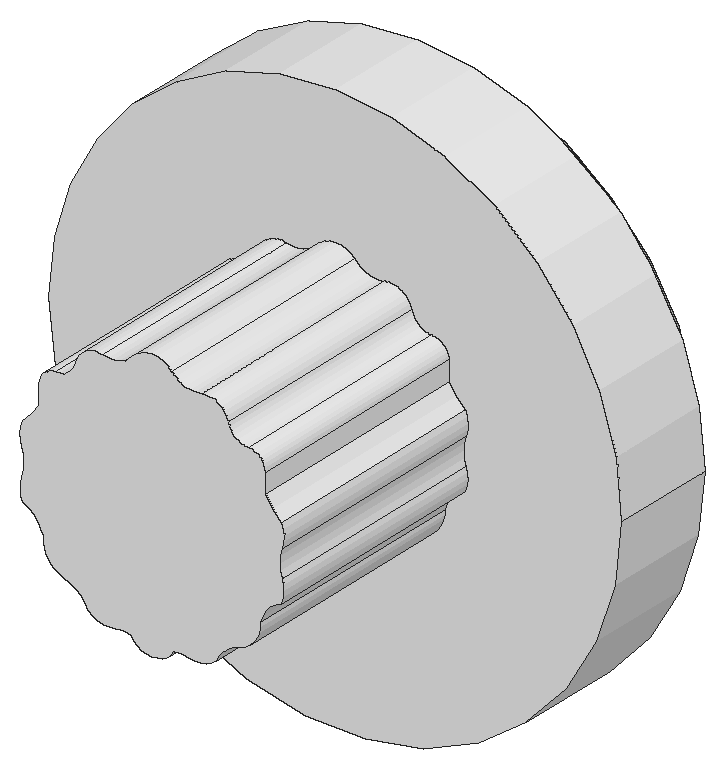
Revit family "Wavy Handle Type 3", category Generic Models, host Wall, Revit 2021
Family settings
  Host = Wall
  Can host rebar = No
  Round Connector Dimension = Use Diameter
  Part Type = Normal
  Always vertical = Yes
  Cut with Voids When Loaded = No
  Shared = No
  Room Calculation Point = No
Parameters (values of type "Chiffon")
  Materials = Chiffon Glaze
  Default Elevation = 0 mm
Types (4, lengths in mm): name | Materials
  Chiffon | Chiffon Glaze
  Khaki | Khaki Glaze
  Orange | Orange Glaze
  Metallic Gold | Metallic Gold Glaze
Reference planes
  plane 1 "Wall": y = 57.859
  plane 2 "Center (Left/Right)": x = 125
  plane 3 "Back": y = 75
  plane 4: x = 150
  plane 5: x = 100
  plane 6: x = 113.5
  plane 7: x = 136.5
  plane 8: y = 87.859
Forms (mm)
  Extrusion 1, solid, material "Chiffon Glaze" <- "Materials"
    sketch origin (0, 37.859, 380.998) x (1, 0, 0) y (0, 0, 1)
      loop
        arc (126.68, 1120.945) -> (125, 1121.693) -> (123.32, 1120.945) r 2.26
        arc (123.32, 1120.945) -> (122.12, 1120.181) -> (120.699, 1120.144) r 2.661
        arc (120.699, 1120.144) -> (119.24, 1119.927) -> (118.363, 1118.742) r 1.927
        arc (118.363, 1118.742) -> (117.715, 1117.746) -> (116.592, 1117.359) r 1.825
        arc (116.592, 1117.359) -> (115.555, 1116.93) -> (115.125, 1115.893) r 1.466
        arc (115.125, 1115.893) -> (115.082, 1115.058) -> (115.114, 1114.223) r 9.386
        arc (115.114, 1114.223) -> (114.469, 1113.303) -> (113.671, 1112.512) r 6.296
        arc (113.671, 1112.512) -> (113.464, 1111.48) -> (113.626, 1110.44) r 3.005
        arc (113.626, 1110.44) -> (113.821, 1109.271) -> (113.626, 1108.103) r 3.605
        arc (113.626, 1108.103) -> (113.482, 1107.126) -> (113.699, 1106.162) r 2.7
        arc (113.699, 1106.162) -> (114.825, 1105.347) -> (115.487, 1104.125) r 3.128
        arc (115.487, 1104.125) -> (115.938, 1102.506) -> (117.305, 1101.528) r 2.524
        arc (117.305, 1101.528) -> (118.535, 1100.857) -> (119.365, 1099.728) r 3.233
        arc (119.365, 1099.728) -> (120.491, 1099.119) -> (121.771, 1099.121) r 2.599
        arc (121.771, 1099.121) -> (122.436, 1099.19) -> (123.093, 1099.064) r 2.288
        arc (123.093, 1099.064) -> (125, 1098.043) -> (126.907, 1099.064) r 2.291
        arc (126.907, 1099.064) -> (127.564, 1099.19) -> (128.229, 1099.121) r 2.288
        arc (128.229, 1099.121) -> (129.509, 1099.119) -> (130.635, 1099.728) r 2.599
        arc (130.635, 1099.728) -> (131.465, 1100.857) -> (132.695, 1101.528) r 3.233
        arc (132.695, 1101.528) -> (134.062, 1102.506) -> (134.513, 1104.125) r 2.524
        arc (134.513, 1104.125) -> (135.175, 1105.347) -> (136.301, 1106.162) r 3.128
        arc (136.301, 1106.162) -> (136.518, 1107.126) -> (136.374, 1108.103) r 2.7
        arc (136.374, 1108.103) -> (136.179, 1109.271) -> (136.374, 1110.44) r 3.605
        arc (136.374, 1110.44) -> (136.536, 1111.48) -> (136.329, 1112.512) r 3.005
        arc (136.329, 1112.512) -> (135.532, 1113.301) -> (134.888, 1114.22) r 6.296
        arc (134.888, 1114.22) -> (134.92, 1115.066) -> (134.876, 1115.912) r 9.388
        arc (134.876, 1115.912) -> (134.438, 1116.934) -> (133.408, 1117.355) r 1.468
        arc (133.408, 1117.355) -> (132.284, 1117.743) -> (131.636, 1118.741) r 1.827
        arc (131.636, 1118.741) -> (130.759, 1119.925) -> (129.301, 1120.144) r 1.926
        arc (129.301, 1120.144) -> (127.879, 1120.181) -> (126.68, 1120.945) r 2.661
    from -40 to -20
  Extrusion 2, solid, material "Chiffon Glaze" <- "Materials"
    sketch origin (0, 35.859, 380.998) x (1, 0, 0) y (0, 0, 1)
      loop
        circle (125, 1108.589) r 25
    from -52 to -42
  Sweep 3, void
    path in 3D
      loop
        arc (100, 87.859, 1489.586) -> (125, 87.859, 1464.586) -> (150, 87.859, 1489.586) r 25
        arc (150, 87.859, 1489.586) -> (125, 87.859, 1514.586) -> (100, 87.859, 1489.586) r 25
    profile origin (125, 87.859, 1514.586) x (0, 0, 1) y (0, 1, 0)
      loop
        line (0, 0) -> (-1, 0) -> (0, -1) -> (0, 0)
Cuts and joins
  Sweep 3 cuts Extrusion 2
Lines and regions (mm)
  sketch lines
    curve 1: arc (150, 87.859, 1489.586) -> (125, 87.859, 1514.586) -> (100, 87.859, 1489.586) r 25
    curve 2: arc (100, 87.859, 1489.586) -> (125, 87.859, 1464.586) -> (150, 87.859, 1489.586) r 25
Text (mm)
  text "Placement Side" at (-2158.059, 2518.253, 0), in view "Ref. Level"
  text "Placement side" at (0, 1409.804, 2854.306), in view "Left"
  text "Placement side" at (0, 499.811, 2980.732), in view "Right"
Dimensions and locks
  host wall to plane 3 "Back" = 17.141 mm
  locked: plane 5 to plane 4 at 50
  equal spacing: plane 5, plane 2 "Center (Left/Right)", plane 4, locked at 25 each
  locked: plane 8 to plane 1 "Wall" at 30
  locked: Extrusion 2 to plane 1 "Wall" at 20
  aligned and locked: plane 1 "Wall" to Extrusion 1
  aligned and locked: plane 8 to Extrusion 2
  aligned and locked: Extrusion 1 to Extrusion 2
  aligned and locked: host wall to plane 1 "Wall"
Automatic sketch dimensions
  Extrusion 1 sketch curve to plane 2 "Center (Left/Right)" = 0 mm  (x2)
  Extrusion 1 sketch curve to plane 2 "Center (Left/Right)" = 0.532 mm
  Extrusion 1 sketch curve to plane 2 "Center (Left/Right)" = 2.662 mm
  Extrusion 1 sketch curve to plane 2 "Center (Left/Right)" = 3.657 mm
  Extrusion 1 sketch curve to plane 2 "Center (Left/Right)" = 3.873 mm
  Extrusion 1 sketch curve to Extrusion 1 sketch curve = 1.111 mm
  Extrusion 1 sketch curve to Extrusion 1 sketch curve = 3.121 mm  (x2)
  plane 6 to Extrusion 1 sketch curve = 3.092 mm
  plane 6 to Extrusion 1 sketch curve = 3.091 mm
  plane 6 to Extrusion 1 sketch curve = 2.969 mm
  plane 6 to Extrusion 1 sketch curve = 2.908 mm
  plane 6 to Extrusion 1 sketch curve = 2.68 mm
  Extrusion 1 sketch curve to plane 6 = 1.026 mm
  Extrusion 1 sketch curve to plane 6 = 3.285 mm
  Extrusion 1 sketch curve to plane 6 = 3.844 mm
  plane 2 "Center (Left/Right)" to Extrusion 1 sketch curve = 0.533 mm
  plane 2 "Center (Left/Right)" to Extrusion 1 sketch curve = 2.662 mm
  plane 2 "Center (Left/Right)" to Extrusion 1 sketch curve = 3.657 mm
  plane 2 "Center (Left/Right)" to Extrusion 1 sketch curve = 3.873 mm
  Extrusion 1 sketch curve to Extrusion 1 sketch curve = 1.11 mm
  plane 7 to Extrusion 1 sketch curve = 3.092 mm
  plane 7 to Extrusion 1 sketch curve = 2.969 mm
  plane 7 to Extrusion 1 sketch curve = 2.908 mm
  plane 7 to Extrusion 1 sketch curve = 2.68 mm
  Extrusion 1 sketch curve to plane 7 = 1.026 mm
  Extrusion 1 sketch curve to plane 7 = 3.285 mm
  Extrusion 1 sketch curve to plane 7 = 3.844 mm
  level to Extrusion 1 sketch curve = 1477.902 mm
  Extrusion 1 sketch curve to Extrusion 1 sketch curve = 0 mm  (x14)
  Extrusion 1 sketch curve to Extrusion 1 sketch curve = 1.519 mm  (x2)
  Extrusion 1 sketch curve to Extrusion 1 sketch curve = 3.431 mm
  Extrusion 1 sketch curve to Extrusion 1 sketch curve = 1.304 mm  (x2)
  Extrusion 1 sketch curve to Extrusion 1 sketch curve = 4.861 mm  (x2)
  Extrusion 1 sketch curve to Extrusion 1 sketch curve = 2.315 mm  (x2)
  Extrusion 1 sketch curve to Extrusion 1 sketch curve = 3.274 mm  (x2)
  Extrusion 1 sketch curve to Extrusion 1 sketch curve = 2.044 mm  (x2)
  Extrusion 1 sketch curve to Extrusion 1 sketch curve = 4.187 mm  (x2)
  Extrusion 1 sketch curve to Extrusion 1 sketch curve = 3.58 mm
  Extrusion 1 sketch curve to Extrusion 1 sketch curve = 0.009 mm
  Extrusion 1 sketch curve to Extrusion 1 sketch curve = 4.473 mm
  Extrusion 1 sketch curve to Extrusion 1 sketch curve = 4.479 mm
  Extrusion 1 sketch curve to Extrusion 1 sketch curve = 1.474 mm
  Extrusion 1 sketch curve to Extrusion 1 sketch curve = 1.468 mm  (x2)
  Extrusion 1 sketch curve to Extrusion 1 sketch curve = 2.387 mm
  Extrusion 1 sketch curve to Extrusion 1 sketch curve = 2.382 mm
  Extrusion 1 sketch curve to Extrusion 1 sketch curve = 3.295 mm
  Extrusion 1 sketch curve to Extrusion 1 sketch curve = 3.291 mm
  Extrusion 1 sketch curve to Extrusion 1 sketch curve = 4.429 mm
  Extrusion 1 sketch curve to Extrusion 1 sketch curve = 4.451 mm  (x2)
  Extrusion 1 sketch curve to plane 2 "Center (Left/Right)" = 1.68 mm
  Extrusion 1 sketch curve to plane 2 "Center (Left/Right)" = 1.907 mm
  Extrusion 1 sketch curve to Extrusion 1 sketch curve = 1.323 mm
  Extrusion 1 sketch curve to Extrusion 1 sketch curve = 2.406 mm  (x2)
  plane 6 to Extrusion 1 sketch curve = 1.987 mm
  plane 6 to Extrusion 1 sketch curve = 1.614 mm
  plane 6 to Extrusion 1 sketch curve = 0.199 mm
  plane 6 to Extrusion 1 sketch curve = 0.171 mm
  plane 2 "Center (Left/Right)" to Extrusion 1 sketch curve = 1.907 mm
  Extrusion 1 sketch curve to Extrusion 1 sketch curve = 0.466 mm
  Extrusion 1 sketch curve to Extrusion 1 sketch curve = 1.773 mm
  plane 7 to Extrusion 1 sketch curve = 1.987 mm
  plane 7 to Extrusion 1 sketch curve = 1.612 mm
  plane 7 to Extrusion 1 sketch curve = 0.199 mm
  plane 7 to Extrusion 1 sketch curve = 0.171 mm
  plane 7 to Extrusion 1 sketch curve = 0.126 mm
  Extrusion 2 sketch curve to plane 2 "Center (Left/Right)" = 0 mm
  level to Extrusion 2 sketch curve = 1489.586 mm
  Sweep 3 sketch curve to profile plane = 0 mm
  profile plane to Sweep 3 sketch curve = 0 mm
  profile plane to Sweep 3 sketch curve = 1 mm
  Sweep 3 sketch curve to profile plane = 1 mm
  radius of Extrusion 2 sketch curve = 25 mm
